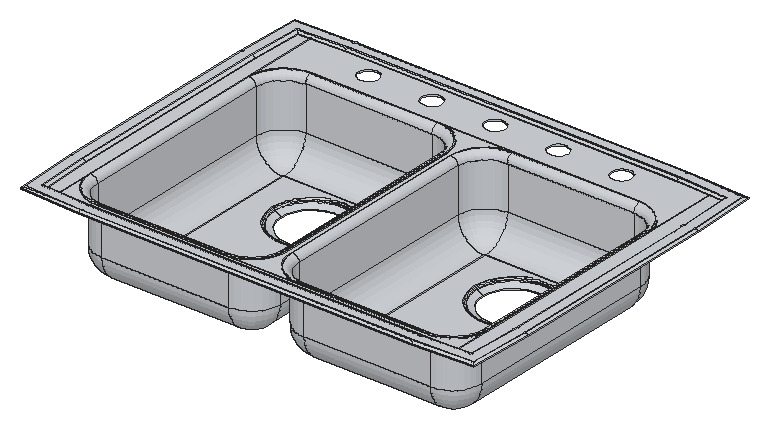
Revit family "LRAD292250", category Plumbing Fixtures, Revit 2019
Family settings
  Round Connector Dimension = Use Diameter
  Part Type = Normal
  OmniClass Number = 23.45.05.14.14
  OmniClass Title = Sinks/Lavatories
  Work Plane-Based = No
  Always vertical = Yes
  Cut with Voids When Loaded = No
  Shared = No
  Room Calculation Point = No
Parameters (values of type "LRAD2922505")
  URL = "www.elkayusa.com"
  Specification Sheet URL = "http://www.elkayusa.com/cps/rde/xbcr/elkay/01-62H_LR(Q)_LRAD(Q)_Double_Bowl.pdf"
  Sink Width = 1' - 10"  # constant formula
  Sink Material = none
  Sink Length = 2' - 5"  # constant formula
  Sink Ledge Sides Width = 0' - 2 3/8"  # constant formula
  Sink Ledge Front Width = 0' - 1 3/4"  # constant formula
  Sink Ledge Back Width = 0' - 4 1/4"  # constant formula
  Sink Depth = 0' - 5"  # constant formula
  Sink Bowl Formula = ((Sink Length - Sink Ledge Sides Width - Sink Ledge Sides Width - Partition Width) / 2)  # 0' - 11 1/2"
  Partition Width = 0' - 1 1/4"  # constant formula
  Model = "LR3321"
  Minimum Cabinet Width = "33\""
  Manufacturer = "Elkay Manufacturing"
  Installation Sheet URL = "http://www.elkayusa.com/cps/rde/xbcr/elkay/74180147.pdf"
  Hole 5 Top = 0' - 2"
  Hole 4 Top = 0' - 2"
  Hole 3 Top = 0' - 2"
  Hole 2 Top = 0' - 2"
  Hole 1 to 6 = 1' - 6"
  Hole 1 to 8 = 2' - 0"
  Hole 1 to 7 = 1' - 9"
  Hole 1 to 5 = 1' - 4"
  Hole 1 to 4 = 1' - 0"
  Hole 1 to 3 = 0' - 8"
  Hole 1 to 2 = 0' - 4"
  Hole 1 from CL = 0' - 8"
  Hole 1 Top = 0' - 2"
  Faucet Hole CL = 0' - 2 1/4"  # constant formula
  Drain Location = 0' - 4 1/2"  # constant formula
  Description = "Lustertone Double Bowl Sink"
  Deep Specification Sheet URL = "http://www.elkayusa.com/cps/rde/xbcr/elkay/01-19G_DLR(Q)_Double_Bowl.pdf"
  Custom Bowl = no
  Custom Bowl Length = ((Sink Length - Sink Ledge Sides Width - Sink Ledge Sides Width - Partition Width) / 2) - CL Sink to CL Partition  # 0' - 11 1/2"
  CL Sink to CL Partition = 0' - 0"
  Bowl Length = ((Sink Length - Sink Ledge Sides Width - Sink Ledge Sides Width - Partition Width) / 2)  # 0' - 11 1/2"
  Left Bowl Length = if(Custom Bowl, Custom Bowl Length, Sink Bowl Formula)  # 0' - 11 1/2"
  2D Hole 5 = Hole 5 Top = 0' 2"  # yes
  2D Hole 4 = Hole 4 Top = 0' 2"  # yes
  2D Hole 3 = Hole 3 Top = 0' 2"  # yes
  2D Hole 2 = Hole 2 Top = 0' 2"  # yes
  2D Hole 1 = Hole 1 Top = 0' 2"  # yes
Types (6): name | Hole 5 Top | Hole 4 Top | Hole 3 Top | Hole 2 Top | Hole 1 to 5 | Hole 1 from CL | 2D Hole 5 | 2D Hole 4 | 2D Hole 3 | 2D Hole 2
  LRAD2922505 | 0' - 2" | 0' - 2" | 0' - 2" | 0' - 2" | 1' - 4" | 0' - 8" | yes | yes | yes | yes
  LRAD2922504 | 0' - 1 1/2" | 0' - 2" | 0' - 2" | 0' - 2" | 1' - 3" | 0' - 4" | no | yes | yes | yes
  LRAD2922503 | 0' - 1 1/2" | 0' - 1 1/2" | 0' - 2" | 0' - 2" | 1' - 3" | 0' - 4" | no | no | yes | yes
  LRAD292250MR2 | 0' - 1 1/2" | 0' - 1 1/2" | 0' - 1 1/2" | 0' - 2" | 1' - 3" | 0' - 0" | no | no | no | yes
  LRAD2922502 | 0' - 1 1/2" | 0' - 1 1/2" | 0' - 1 1/2" | 0' - 2" | 1' - 3" | 0' - 2" | no | no | no | yes
  LRAD2922501 | 0' - 1 1/2" | 0' - 1 1/2" | 0' - 1 1/2" | 0' - 1 1/2" | 1' - 3" | 0' - 0" | no | no | no | no
Reference planes (in)
  plane 1 "CL Sink Hole": y = 3.5
  plane 2 "Rim Top Outside Corner": z = 0.0015695
  plane 3 "Center (Left/Right)": x = 0
  plane 4 "Basin Edge Left": x = -12.125
  plane 5 "Basin Edge Right": x = 12.125
  plane 6 "Basin Edge Back": y = 8
  plane 7 "Basin Edge Front": y = -8
  plane 8 "Left": x = -14.5
  plane 9 "Right": x = 14.5
  plane 10 "Back": y = 12.25
  plane 11 "Front": y = -9.75
  plane 12 "Sink Angle Back Corner": y = 12.0792275
  plane 13 "Sink Angle Right Corner": x = 14.3267866
  plane 14 "Sink Angle Right": x = 10.5172067
  plane 15 "Sink Angle Back": y = 7.9648437
  plane 16 "Sink Angle Left": x = -10.515625
  plane 17 "Sink Angle Left Corner": x = -14.328125
  plane 18 "Sink Angle Front Corner": y = -9.578125
  plane 19 "Sink Angle Front": y = -5.4648437
  plane 20 "Sink Top Face Back Edge": y = 11.2219509
  plane 21 "Sink Top Face Front Edge": y = -8.7226562
  plane 22 "Sink Top Face Right Edge": x = 12.5976563
  plane 23 "Sink Top Face Left Edge": x = -12.5976563
  plane 24 "Sink Bowl Bottom (Top Face)": z = -4.8945313
  plane 25 "Faucet CL": y = 10
  plane 26 "Sink Top Piece Top Face": z = -0.0194305
  plane 27 "Sink Top Piece Bottom Face": z = -0.0819305
  plane 28 "Left Sink Bottom Piece Right Edge": x = -2.3125
  plane 29 "Top Void for Radius Back Edge": y = 5.5
  plane 30 "back ledge void radius": y = 8.4921875
  plane 31 "front ledge void radius": y = -8.4921875
  plane 32 "Top Radius Corner Prot": z = -0.4405305
  plane 33: z = -3.2070313
  plane 34 "Sink Bowl Bottom (Bottom Face)": z = -4.9570313
  plane 35 "Left Sink Bottom Piece Left Edge": x = -10.4375
  plane 36 "Sink Bottom Piece Right Edge": x = 10.4375
  plane 37 "Sink Bottom Piece Back Edge": y = 6.3125
  plane 38 "Sink Bottom Piece Front Edge": y = -6.3125
  plane 39 "Top Void for Radius Front Edge": y = -5
  plane 40 "Sink Top Locked Edge Right": x = 13.5625
  plane 41 "Sink Top Locked Edge Left": x = -13.5625
  plane 42 "Hole 1": x = -8
  plane 43 "Hole 2": x = -4
  plane 44 "Hole 3": x = 0
  plane 45 "Hole 4": x = 4
  plane 46 "Hole 5": x = 8
  plane 47 "Faucet Hole Void Bottoms": z = -1.9984305
  plane 48 "Hole 1 Top": z = 0.0015695
  plane 49 "Hole 2 Top": z = 0.0015695
  plane 50 "Hole 3 Top": z = 0.0015695
  plane 51 "Hole 4 Top": z = 0.0015695
  plane 52 "Hole 5 Top": z = 0.0015695
  plane 53 "Top": z = 0.1054687
  plane 54 "Insertion Plan for Sink - Bottom Outside Corner of Rim": z = -0.0524008
  plane 55 "Center (Front/Back)": y = 0
  plane 56 "CL PARTITION": x = 0
  plane 57 "LEFT BOWL RIGHT EDGE": x = -0.625
  plane 58 "RIGHT BOWL LEFT EDGE": x = 0.625
  plane 59 "Sink Bottom Piece Left Edge": x = 2.3125
  plane 60 "Left Bowl CL Drain": x = -6.375
  plane 61 "Right Bowl CL Drain": x = 6.375
  plane 62 "Left Partition Left Edge": x = -0.1328125
  plane 63 "Left Partition Right Edge": x = 0.1328125
Forms (in)
  Sweep 1, solid, material <- "Sink Material"
    path origin (0, 0, 0) x (1, 0, 0) y (0, 1, 0)
      loop
        line (10.5172067, 12.25) -> (-10.515625, 12.25) -> (-14.328125, 12.0792275) -> (-14.5, 7.9648437) -> (-14.5, -5.4648437) -> (-14.328125, -9.578125) -> (-10.515625, -9.75) -> (10.5172067, -9.75) -> (14.3267866, -9.578125) -> (14.5, -5.4648437) -> (14.5, 7.9648437) -> (14.3267866, 12.0792275) -> (10.5172067, 12.25)
    profile "profile-elkay-sink-rim-1 : profile-elkay-sink-rim-1" origin (0.0007909, 12.25, 0) x (0, -1, 0) y (0, 0, 1)
      loop
        line (0, 0) -> (0, -0.0524008) -> (0.2039181, 0.0577989) -> (0.8052651, 0.0577989) -> (1.0074493, -0.0709913) -> (1.0074493, -0.0163327) -> (0.841093, 0.0896347)
        arc (0.841093, 0.0896347) -> (0.8176388, 0.1002604) -> (0.7921483, 0.1038992) r 0.091102
        line (0.7921483, 0.1038992) -> (0.2153023, 0.1038992)
        arc (0.2153023, 0.1038992) -> (0.1929626, 0.1011179) -> (0.1719868, 0.0929438) r 0.0911081
        line (0.1719868, 0.0929438) -> (0, 0)
  Extrusion 2, solid, material <- "Sink Material"
    sketch origin (0, 0, 0) x (1, 0, 0) y (0, 1, 0)
      loop
        line (-12.5976563, 11.2219509) -> (-12.5976563, 5.5) -> (12.5976563, 5.5) -> (12.5976563, 11.2219509) -> (-12.5976563, 11.2219509)
    from -0.0819305 to -0.0194305
  Extrusion 3, void
    sketch origin (0, 0, 0) x (1, 0, 0) y (0, 1, 0)
      loop
        line (12.5976563, 5.5) -> (12.5976563, 6.1441505)
        arc (12.5976563, 6.1441505) -> (11.9099322, 7.8044634) -> (10.2496193, 8.4921875) r 2.348037
        line (10.2496193, 8.4921875) -> (-10.25, 8.4921875)
        arc (-10.25, 8.4921875) -> (-11.9100437, 7.8045749) -> (-12.5976563, 6.1445312) r 2.3476562
        line (-12.5976563, 6.1445312) -> (-12.5976563, 5.5) -> (12.5976563, 5.5)
    from -0.7469965 to 0.495879
  Extrusion 4, solid, material <- "Sink Material"
    sketch origin (0, 0, 0) x (1, 0, 0) y (0, 1, 0)
      loop
        line (-12.5976563, -5.4648437) -> (-12.5976563, -8.7226562) -> (12.5976563, -8.7226562) -> (12.5976563, -5.4648437) -> (-12.5976563, -5.4648437)
    from -0.0819305 to -0.0194305
  Extrusion 5, void
    sketch origin (0, 0, 0) x (1, 0, 0) y (0, 1, 0)
      loop
        line (-12.5976563, -5) -> (-12.5976563, -6.2107599)
        arc (-12.5976563, -6.2107599) -> (-11.9294416, -7.8239728) -> (-10.3162287, -8.4921875) r 2.2814276
        line (-10.3162287, -8.4921875) -> (10.3164063, -8.4921875)
        arc (10.3164063, -8.4921875) -> (11.9294936, -7.8240248) -> (12.5976563, -6.2109375) r 2.28125
        line (12.5976563, -6.2109375) -> (12.5976563, -5) -> (-12.5976563, -5)
    from -1.9984305 to 0.6466859
  Extrusion 6, solid, material <- "Sink Material"
    sketch origin (0, 0, 0) x (1, 0, 0) y (0, 1, 0)
      loop
        line (-13.5625, 11.2219509) -> (-13.5625, -8.7226562) -> (-12.5976563, -8.7226562) -> (-12.5976563, 11.2219509) -> (-13.5625, 11.2219509)
    from -0.0819305 to -0.0194305
  Extrusion 7, solid, material <- "Sink Material"
    sketch origin (0, 0, 0) x (1, 0, 0) y (0, 1, 0)
      loop
        line (12.5976563, 11.2219509) -> (12.5976563, -8.7226562) -> (13.5625, -8.7226562) -> (13.5625, 11.2219509) -> (12.5976563, 11.2219509)
    from -0.0819305 to -0.0194305
  Sweep 8, solid, material <- "Sink Material"
    path origin (-14.75, 0, -0.0194305) x (-1, 0, 0) y (0, -1, 0)
      loop
        line (-12.375, -8) -> (-4.375, -8)
        arc (-4.375, -8) -> (-3.1375631, -7.4874369) -> (-2.625, -6.25) r 1.75
        line (-2.625, -6.25) -> (-2.625, 6.25)
        arc (-2.625, 6.25) -> (-3.1375631, 7.4874369) -> (-4.375, 8) r 1.75
        line (-4.375, 8) -> (-12.375, 8)
        arc (-12.375, 8) -> (-13.6124369, 7.4874369) -> (-14.125, 6.25) r 1.75
        line (-14.125, 6.25) -> (-14.125, -6.25)
        arc (-14.125, -6.25) -> (-13.6124369, -7.4874369) -> (-12.375, -8) r 1.75
    profile "profile-elkay-sink-top corner : profile-elkay-sink-top corner" origin (-6.375, 8, -0.0194305) x (0, -1, 0) y (0, 0, 1)
      loop
        line (-0.4204811, 0) -> (-0.4921875, 0) -> (-0.4921875, -0.0461) -> (-0.4204811, -0.0461)
        arc (-0.4204811, -0.0461) -> (-0.1553161, -0.155935) -> (-0.0454811, -0.4211) r 0.375
        line (-0.0454811, -0.4211) -> (0.0006189, -0.4211)
        arc (0.0006189, -0.4211) -> (-0.1227185, -0.1233373) -> (-0.4204811, 0) r 0.4211
  Sweep 9, solid, material <- "Sink Material"
    path origin (-14.75, 0, -4.8945313) x (-1, 0, 0) y (0, -1, 0)
      loop
        line (-2.625, -6.25) -> (-2.625, 6.25)
        arc (-2.625, 6.25) -> (-3.1375631, 7.4874369) -> (-4.375, 8) r 1.75
        line (-4.375, 8) -> (-12.375, 8)
        arc (-12.375, 8) -> (-13.6124369, 7.4874369) -> (-14.125, 6.25) r 1.75
        line (-14.125, 6.25) -> (-14.125, -6.25)
        arc (-14.125, -6.25) -> (-13.6124369, -7.4874369) -> (-12.375, -8) r 1.75
        line (-12.375, -8) -> (-4.375, -8)
        arc (-4.375, -8) -> (-3.1375631, -7.4874369) -> (-2.625, -6.25) r 1.75
    profile "profile-elkay-sink-btm-crnr_1-6875 : profile-elkay-sink-btm-crnr_1-6875" origin (-12.125, 0, -4.8945313) x (1, 0, 0) y (0, 0, 1)
      loop
        line (1.6875, -0.0625) -> (1.6875, 0)
        arc (1.6875, 0) -> (0.4942573, 0.4942573) -> (0, 1.6875) r 1.6875
        line (0, 1.6875) -> (-0.0625, 1.6875)
        arc (-0.0625, 1.6875) -> (0.4500631, 0.4500631) -> (1.6875, -0.0625) r 1.75
  Extrusion 10, solid, material <- "Sink Material"
    sketch origin (0, 0, 0) x (1, 0, 0) y (0, 1, 0)
      loop
        line (-10.4375, 6.3125) -> (-10.4375, -6.3125) -> (-2.3125, -6.3125) -> (-2.3125, 6.3125) -> (-10.4375, 6.3125)
    from -4.9570313 to -4.8945313
  Extrusion 11, solid, material <- "Sink Material"
    sketch origin (-14.75, 0, 0) x (1, 0, 0) y (0, 1, 0)
      loop
        arc (4.375, 8) -> (3.1375631, 7.4874369) -> (2.625, 6.25) r 1.75
        line (2.625, 6.25) -> (2.625, -6.25)
        arc (2.625, -6.25) -> (3.1375631, -7.4874369) -> (4.375, -8) r 1.75
        line (4.375, -8) -> (12.375, -8)
        arc (12.375, -8) -> (13.6124369, -7.4874369) -> (14.125, -6.25) r 1.75
        line (14.125, -6.25) -> (14.125, 6.25)
        arc (14.125, 6.25) -> (13.6124369, 7.4874369) -> (12.375, 8) r 1.75
        line (12.375, 8) -> (4.375, 8)
      loop
        arc (4.375, 8.0625) -> (3.093369, 7.531631) -> (2.5625, 6.25) r 1.8125
        line (2.5625, 6.25) -> (2.5625, -6.25)
        arc (2.5625, -6.25) -> (3.093369, -7.531631) -> (4.375, -8.0625) r 1.8125
        line (4.375, -8.0625) -> (12.375, -8.0625)
        arc (12.375, -8.0625) -> (13.656631, -7.531631) -> (14.1875, -6.25) r 1.8125
        line (14.1875, -6.25) -> (14.1875, 6.25)
        arc (14.1875, 6.25) -> (13.656631, 7.531631) -> (12.375, 8.0625) r 1.8125
        line (12.375, 8.0625) -> (4.375, 8.0625)
    from -3.2070313 to -0.4405305
  Extrusion 12, void
    sketch origin (0, 0, 0) x (1, 0, 0) y (0, 1, 0)
      loop
        circle (-6.375, 3.5) r 2.5
    from -4.9570313 to -3.8320313
  Sweep 13, solid, material <- "Sink Material"
    path origin (-14.75, 0, -4.8945313) x (-1, 0, 0) y (0, -1, 0)
      loop
        circle (-8.375, -3.5) r 2.501635
    profile "profile-elkay-sink-hole-1 : profile-elkay-sink-hole-1" origin (-6.375, 0.998365, -4.8945313) x (0, 1, 0) y (0, 0, 1)
      loop
        line (0.5785343, -0.3269365) -> (0.1564602, -0.1343744)
        arc (0.1564602, -0.1343744) -> (0.1424945, -0.125589) -> (0.1313144, -0.1134552) r 0.0625
        line (0.1313144, -0.1134552) -> (0.0881719, -0.0522605)
        arc (0.0881719, -0.0522605) -> (0.0506391, -0.015074) -> (0, 0) r 0.1086
        line (0, 0) -> (0, -0.0461763)
        arc (0, -0.0461763) -> (0.0262058, -0.0541921) -> (0.0464633, -0.0726482) r 0.0625
        line (0.0464633, -0.0726482) -> (0.093406, -0.1396891)
        arc (0.093406, -0.1396891) -> (0.1129384, -0.1609677) -> (0.1373891, -0.176345) r 0.1086
        line (0.1373891, -0.176345) -> (0.5785343, -0.3776079) -> (0.5785343, -0.3269365)
  Sweep 14, solid, material <- "Sink Material"
    path origin (14.75, 0, -0.0194305) x (-1, 0, 0) y (0, -1, 0)
      loop
        line (4.375, -8) -> (12.375, -8)
        arc (12.375, -8) -> (13.6124369, -7.4874369) -> (14.125, -6.25) r 1.75
        line (14.125, -6.25) -> (14.125, 6.25)
        arc (14.125, 6.25) -> (13.6124369, 7.4874369) -> (12.375, 8) r 1.75
        line (12.375, 8) -> (4.375, 8)
        arc (4.375, 8) -> (3.1375631, 7.4874369) -> (2.625, 6.25) r 1.75
        line (2.625, 6.25) -> (2.625, -6.25)
        arc (2.625, -6.25) -> (3.1375631, -7.4874369) -> (4.375, -8) r 1.75
    profile "profile-elkay-sink-top corner : profile-elkay-sink-top corner" origin (6.375, 8, -0.0194305) x (0, -1, 0) y (0, 0, 1)
      loop
        line (-0.4204811, 0) -> (-0.4921875, 0) -> (-0.4921875, -0.0461) -> (-0.4204811, -0.0461)
        arc (-0.4204811, -0.0461) -> (-0.1553161, -0.155935) -> (-0.0454811, -0.4211) r 0.375
        line (-0.0454811, -0.4211) -> (0.0006189, -0.4211)
        arc (0.0006189, -0.4211) -> (-0.1227185, -0.1233373) -> (-0.4204811, 0) r 0.4211
  Sweep 15, solid, material <- "Sink Material"
    path origin (14.75, 0, -4.8945313) x (-1, 0, 0) y (0, -1, 0)
      loop
        line (14.125, -6.25) -> (14.125, 6.25)
        arc (14.125, 6.25) -> (13.6124369, 7.4874369) -> (12.375, 8) r 1.75
        line (12.375, 8) -> (4.375, 8)
        arc (4.375, 8) -> (3.1375631, 7.4874369) -> (2.625, 6.25) r 1.75
        line (2.625, 6.25) -> (2.625, -6.25)
        arc (2.625, -6.25) -> (3.1375631, -7.4874369) -> (4.375, -8) r 1.75
        line (4.375, -8) -> (12.375, -8)
        arc (12.375, -8) -> (13.6124369, -7.4874369) -> (14.125, -6.25) r 1.75
    profile "profile-elkay-sink-btm-crnr_1-6875 : profile-elkay-sink-btm-crnr_1-6875" origin (0.625, 0, -4.8945313) x (1, 0, 0) y (0, 0, 1)
      loop
        line (1.6875, -0.0625) -> (1.6875, 0)
        arc (1.6875, 0) -> (0.4942573, 0.4942573) -> (0, 1.6875) r 1.6875
        line (0, 1.6875) -> (-0.0625, 1.6875)
        arc (-0.0625, 1.6875) -> (0.4500631, 0.4500631) -> (1.6875, -0.0625) r 1.75
  Extrusion 16, solid, material <- "Sink Material"
    sketch origin (14.75, 0, 0) x (1, 0, 0) y (0, 1, 0)
      loop
        arc (-12.375, 8) -> (-13.6124369, 7.4874369) -> (-14.125, 6.25) r 1.75
        line (-14.125, 6.25) -> (-14.125, -6.25)
        arc (-14.125, -6.25) -> (-13.6124369, -7.4874369) -> (-12.375, -8) r 1.75
        line (-12.375, -8) -> (-4.375, -8)
        arc (-4.375, -8) -> (-3.1375631, -7.4874369) -> (-2.625, -6.25) r 1.75
        line (-2.625, -6.25) -> (-2.625, 6.25)
        arc (-2.625, 6.25) -> (-3.1375631, 7.4874369) -> (-4.375, 8) r 1.75
        line (-4.375, 8) -> (-12.375, 8)
      loop
        arc (-12.375, 8.0625) -> (-13.656631, 7.531631) -> (-14.1875, 6.25) r 1.8125
        line (-14.1875, 6.25) -> (-14.1875, -6.25)
        arc (-14.1875, -6.25) -> (-13.656631, -7.531631) -> (-12.375, -8.0625) r 1.8125
        line (-12.375, -8.0625) -> (-4.375, -8.0625)
        arc (-4.375, -8.0625) -> (-3.093369, -7.531631) -> (-2.5625, -6.25) r 1.8125
        line (-2.5625, -6.25) -> (-2.5625, 6.25)
        arc (-2.5625, 6.25) -> (-3.093369, 7.531631) -> (-4.375, 8.0625) r 1.8125
        line (-4.375, 8.0625) -> (-12.375, 8.0625)
    from -3.2070313 to -0.4405305
  Extrusion 17, solid, material <- "Sink Material"
    sketch origin (0, 0, 0) x (1, 0, 0) y (0, 1, 0)
      loop
        line (2.3125, 6.3125) -> (2.3125, -6.3125) -> (10.4375, -6.3125) -> (10.4375, 6.3125) -> (2.3125, 6.3125)
    from -4.9570313 to -4.8945313
  Extrusion 18, void
    sketch origin (0, 0, 0) x (1, 0, 0) y (0, 1, 0)
      loop
        circle (6.375, 3.5) r 2.5
    from -4.9570313 to -3.2070313
  Sweep 19, solid, material <- "Sink Material"
    path origin (14.75, 0, -4.8945313) x (-1, 0, 0) y (0, -1, 0)
      loop
        circle (8.375, -3.5) r 2.501635
    profile "profile-elkay-sink-hole-1 : profile-elkay-sink-hole-1" origin (6.375, 0.998365, -4.8945313) x (0, 1, 0) y (0, 0, 1)
      loop
        line (0.5785343, -0.3269365) -> (0.1564602, -0.1343744)
        arc (0.1564602, -0.1343744) -> (0.1424945, -0.125589) -> (0.1313144, -0.1134552) r 0.0625
        line (0.1313144, -0.1134552) -> (0.0881719, -0.0522605)
        arc (0.0881719, -0.0522605) -> (0.0506391, -0.015074) -> (0, 0) r 0.1086
        line (0, 0) -> (0, -0.0461763)
        arc (0, -0.0461763) -> (0.0262058, -0.0541921) -> (0.0464633, -0.0726482) r 0.0625
        line (0.0464633, -0.0726482) -> (0.093406, -0.1396891)
        arc (0.093406, -0.1396891) -> (0.1129384, -0.1609677) -> (0.1373891, -0.176345) r 0.1086
        line (0.1373891, -0.176345) -> (0.5785343, -0.3776079) -> (0.5785343, -0.3269365)
  Extrusion 20, void
    sketch origin (0, 0, 0) x (1, 0, 0) y (0, 1, 0)
      loop
        circle (-8, 10) r 0.625
    from -1.9984305 to 0.0015695
  Extrusion 21, void
    sketch origin (0, 0, 0) x (1, 0, 0) y (0, 1, 0)
      loop
        circle (-4, 10) r 0.625
    from -1.9984305 to 0.0015695
  Extrusion 22, void
    sketch origin (0, 0, 0) x (1, 0, 0) y (0, 1, 0)
      loop
        circle (0, 10) r 0.625
    from -1.9984305 to 0.0015695
  Extrusion 23, void
    sketch origin (0, 0, 0) x (1, 0, 0) y (0, 1, 0)
      loop
        circle (4, 10) r 0.625
    from -1.9984305 to 0.0015695
  Extrusion 24, void
    sketch origin (0, 0, 0) x (1, 0, 0) y (0, 1, 0)
      loop
        circle (8, 10) r 0.625
    from -1.9984305 to 0.0015695
  Extrusion 25, solid, material <- "Sink Material"
    sketch origin (0, 0, 0) x (1, 0, 0) y (0, 1, 0)
      loop
        arc (-2.375, 8.4921875) -> (-0.789534, 7.835466) -> (-0.1328125, 6.25) r 2.2421875
        line (-0.1328125, 6.25) -> (-0.1328125, -6.25)
        arc (-0.1328125, -6.25) -> (-0.789534, -7.835466) -> (-2.375, -8.4921875) r 2.2421875
        line (-2.375, -8.4921875) -> (2.375, -8.4921875)
        arc (2.375, -8.4921875) -> (0.789534, -7.835466) -> (0.1328125, -6.25) r 2.2421875
        line (0.1328125, -6.25) -> (0.1328125, 6.25)
        arc (0.1328125, 6.25) -> (0.789534, 7.835466) -> (2.375, 8.4921875) r 2.2421875
        line (2.375, 8.4921875) -> (-2.375, 8.4921875)
    from -0.0819305 to -0.0194305
Cuts and joins
  Extrusion 3, Extrusion 12, Extrusion 18, Extrusion 20, Extrusion 21, Extrusion 22, Extrusion 23, Extrusion 24 cuts Sweep 1
  Extrusion 3, Extrusion 20, Extrusion 21, Extrusion 22, Extrusion 23, Extrusion 24 cuts Extrusion 2
  Extrusion 5 cuts Extrusion 4
  Extrusion 12 cuts Extrusion 10
  Extrusion 18 cuts Extrusion 17
Lines and regions (in)
  reference lines
    curve 1: line (10.5172067, 12.25, 0) -> (14.3267866, 12.0792275, 0)
    curve 2: line (14.3267866, 12.0792275, 0) -> (14.5, 7.9648437, 0)
    curve 3: line (-10.515625, 12.25, 0) -> (-14.328125, 12.0792275, 0)
    curve 4: line (-14.328125, 12.0792275, 0) -> (-14.5, 7.9648437, 0)
    curve 5: line (-14.5, -5.4648437, 0) -> (-14.328125, -9.578125, 0)
    curve 6: line (-14.328125, -9.578125, 0) -> (-10.515625, -9.75, 0)
    curve 7: line (14.5, -5.4648437, 0) -> (14.3267866, -9.578125, 0)
    curve 8: line (14.3267866, -9.578125, 0) -> (10.5172067, -9.75, 0)
Dimensions and locks (in)
  "Sink Ledge Sides Width": plane 8 "Left" to plane 4 "Basin Edge Left"
  "Sink Ledge Sides Width": plane 5 "Basin Edge Right" to plane 9 "Right"
  "Sink Length": plane 8 "Left" to plane 9 "Right"
  "Drain Location": plane 6 "Basin Edge Back" to plane 1 "CL Sink Hole"
  "Sink Ledge Back Width": plane 10 "Back" to plane 6 "Basin Edge Back"
  "Sink Ledge Front Width": plane 7 "Basin Edge Front" to plane 11 "Front"
  locked: plane 13 "Sink Angle Right Corner" to plane 9 "Right" at 0.1732134
  locked: plane 10 "Back" to plane 12 "Sink Angle Back Corner" at 0.1707725
  locked: plane 14 "Sink Angle Right" to plane 9 "Right" at 3.9827933
  locked: plane 10 "Back" to plane 15 "Sink Angle Back" at 4.2851562
  locked: plane 8 "Left" to plane 17 "Sink Angle Left Corner" at 0.171875
  locked: plane 8 "Left" to plane 16 "Sink Angle Left" at 3.984375
  locked: plane 18 "Sink Angle Front Corner" to plane 11 "Front" at 0.171875
  locked: plane 19 "Sink Angle Front" to plane 11 "Front" at 4.2851562
  "Sink Width": plane 10 "Back" to plane 11 "Front"
  locked: plane 10 "Back" to plane 20 "Sink Top Face Back Edge" at 1.0280491
  locked: plane 21 "Sink Top Face Front Edge" to plane 11 "Front" at 1.0273438
  locked: plane 23 "Sink Top Face Left Edge" to plane 4 "Basin Edge Left" at 0.4726562
  "Sink Depth": plane 53 "Top" to plane 24 "Sink Bowl Bottom (Top Face)"
  "Faucet Hole CL": plane 10 "Back" to plane 25 "Faucet CL"
  locked: plane 2 "Rim Top Outside Corner" to plane 26 "Sink Top Piece Top Face" at 0.021
  locked: plane 26 "Sink Top Piece Top Face" to plane 27 "Sink Top Piece Bottom Face" at 0.0625
  locked: plane 6 "Basin Edge Back" to plane 29 "Top Void for Radius Back Edge" at 2.5
  locked: plane 30 "back ledge void radius" to plane 29 "Top Void for Radius Back Edge" at 2.9921875
  locked: plane 39 "Top Void for Radius Front Edge" to plane 31 "front ledge void radius" at 3.4921875
  locked: plane 2 "Rim Top Outside Corner" to plane 32 "Top Radius Corner Prot" at 0.4421
  locked: plane 33 to plane 24 "Sink Bowl Bottom (Top Face)" at 1.6875
  locked: plane 24 "Sink Bowl Bottom (Top Face)" to plane 34 "Sink Bowl Bottom (Bottom Face)" at 0.0625
  locked: plane 38 "Sink Bottom Piece Front Edge" to plane 7 "Basin Edge Front" at 1.6875
  locked: plane 4 "Basin Edge Left" to plane 35 "Left Sink Bottom Piece Left Edge" at 1.6875
  locked: plane 36 "Sink Bottom Piece Right Edge" to plane 5 "Basin Edge Right" at 1.6875
  locked: plane 6 "Basin Edge Back" to plane 37 "Sink Bottom Piece Back Edge" at 1.6875
  locked: plane 39 "Top Void for Radius Front Edge" to plane 7 "Basin Edge Front" at 3
  locked: plane 5 "Basin Edge Right" to plane 22 "Sink Top Face Right Edge" at 0.4726562
  locked: Extrusion 3 sketch curve to plane 5 "Basin Edge Right" at 1.8753807
  locked: plane 6 "Basin Edge Back" to Extrusion 3 sketch curve at 1.8558495
  locked: plane 4 "Basin Edge Left" to Extrusion 3 sketch curve at 1.875
  locked: plane 6 "Basin Edge Back" to Extrusion 3 sketch curve at 1.8554688
  locked: plane 4 "Basin Edge Left" to Extrusion 5 sketch curve at 1.8087713
  locked: Extrusion 5 sketch curve to plane 5 "Basin Edge Right" at 1.8085938
  locked: Extrusion 5 sketch curve to plane 7 "Basin Edge Front" at 1.7892401
  locked: Extrusion 5 sketch curve to plane 7 "Basin Edge Front" at 1.7890625
  locked: plane 40 "Sink Top Locked Edge Right" to plane 9 "Right" at 0.9375
  locked: plane 8 "Left" to plane 41 "Sink Top Locked Edge Left" at 0.9375
  "Hole 1 from CL": plane 42 "Hole 1" to plane 3 "Center (Left/Right)"
  "Hole 1 to 2": plane 42 "Hole 1" to plane 43 "Hole 2"
  "Hole 1 to 3": plane 42 "Hole 1" to plane 44 "Hole 3"
  "Hole 1 to 4": plane 42 "Hole 1" to plane 45 "Hole 4"
  "Hole 1 to 5": plane 42 "Hole 1" to plane 46 "Hole 5"
  locked: plane 2 "Rim Top Outside Corner" to plane 47 "Faucet Hole Void Bottoms" at 2
  "Hole 1 Top": plane 48 "Hole 1 Top" to plane 47 "Faucet Hole Void Bottoms"
  "Hole 2 Top": plane 49 "Hole 2 Top" to plane 47 "Faucet Hole Void Bottoms"
  "Hole 3 Top": plane 50 "Hole 3 Top" to plane 47 "Faucet Hole Void Bottoms"
  "Hole 4 Top": plane 51 "Hole 4 Top" to plane 47 "Faucet Hole Void Bottoms"
  "Hole 5 Top": plane 52 "Hole 5 Top" to plane 47 "Faucet Hole Void Bottoms"
  locked: plane 53 "Top" to plane 2 "Rim Top Outside Corner" at 0.1038992
  locked: plane 53 "Top" to plane 54 "Insertion Plan for Sink - Bottom Outside Corner of Rim" at 0.1578695
  equal spacing: plane 6 "Basin Edge Back", plane 55 "Center (Front/Back)", plane 7 "Basin Edge Front"
  locked: plane 28 "Left Sink Bottom Piece Right Edge" to plane 57 "LEFT BOWL RIGHT EDGE" at 1.6875
  locked: plane 58 "RIGHT BOWL LEFT EDGE" to plane 59 "Sink Bottom Piece Left Edge" at 1.6875
  locked: plane 6 "Basin Edge Back" to Sweep 8 sketch curve at 1.75  (x2)
  locked: plane 4 "Basin Edge Left" to Sweep 8 sketch curve at 1.75  (x2)
  locked: Sweep 8 sketch curve to plane 57 "LEFT BOWL RIGHT EDGE" at 1.75  (x2)
  locked: Sweep 8 sketch curve to plane 7 "Basin Edge Front" at 1.75  (x2)
  equal spacing: plane 8 "Left", plane 3 "Center (Left/Right)", plane 9 "Right"
  equal spacing: plane 4 "Basin Edge Left", plane 60 "Left Bowl CL Drain", plane 57 "LEFT BOWL RIGHT EDGE"
  equal spacing: plane 58 "RIGHT BOWL LEFT EDGE", plane 61 "Right Bowl CL Drain", plane 5 "Basin Edge Right"
  locked: plane 4 "Basin Edge Left" to Sweep 9 sketch curve at 1.75  (x2)
  locked: Sweep 9 sketch curve to plane 57 "LEFT BOWL RIGHT EDGE" at 1.75  (x2)
  locked: plane 6 "Basin Edge Back" to Sweep 9 sketch curve at 1.75  (x2)
  locked: Sweep 9 sketch curve to plane 7 "Basin Edge Front" at 1.75  (x2)
  locked: plane 6 "Basin Edge Back" to Extrusion 11 sketch curve at 1.75  (x2)
  locked: plane 4 "Basin Edge Left" to Extrusion 11 sketch curve at 1.75  (x2)
  locked: Extrusion 11 sketch curve to plane 57 "LEFT BOWL RIGHT EDGE" at 1.75  (x2)
  locked: Extrusion 11 sketch curve to plane 7 "Basin Edge Front" at 1.75  (x2)
  locked: plane 58 "RIGHT BOWL LEFT EDGE" to Sweep 14 sketch curve at 1.75  (x2)
  locked: Sweep 14 sketch curve to plane 5 "Basin Edge Right" at 1.75  (x2)
  locked: plane 6 "Basin Edge Back" to Sweep 14 sketch curve at 1.75  (x2)
  locked: Sweep 14 sketch curve to plane 7 "Basin Edge Front" at 1.75  (x2)
  locked: Sweep 15 sketch curve to plane 5 "Basin Edge Right" at 1.75  (x2)
  locked: Sweep 15 sketch curve to plane 7 "Basin Edge Front" at 1.75  (x2)
  locked: plane 58 "RIGHT BOWL LEFT EDGE" to Sweep 15 sketch curve at 1.75  (x2)
  locked: plane 6 "Basin Edge Back" to Sweep 15 sketch curve at 1.75  (x2)
  locked: plane 58 "RIGHT BOWL LEFT EDGE" to Extrusion 16 sketch curve at 1.75  (x2)
  locked: Extrusion 16 sketch curve to plane 5 "Basin Edge Right" at 1.75  (x2)
  locked: Extrusion 16 sketch curve to plane 7 "Basin Edge Front" at 1.75  (x2)
  locked: plane 6 "Basin Edge Back" to Extrusion 16 sketch curve at 1.75  (x2)
  plane 8 "Left" to plane 42 "Hole 1" = 0' - 6 1/2"
  locked: Extrusion 25 sketch curve to plane 57 "LEFT BOWL RIGHT EDGE" at 1.75  (x2)
  locked: plane 6 "Basin Edge Back" to Extrusion 25 sketch curve at 1.75  (x2)
  locked: Extrusion 25 sketch curve to plane 31 "front ledge void radius" at 2.2421875  (x2)
  plane 62 "Left Partition Left Edge" to plane 56 "CL PARTITION" to plane 63 "Left Partition Right Edge" = 0' - 0 17/128" locked, 0' - 0 17/128" locked
  "CL Sink to CL Partition": plane 56 "CL PARTITION" to plane 3 "Center (Left/Right)"
  "Partition Width": plane 57 "LEFT BOWL RIGHT EDGE" to plane 58 "RIGHT BOWL LEFT EDGE"
  equal spacing: plane 57 "LEFT BOWL RIGHT EDGE", plane 56 "CL PARTITION", plane 58 "RIGHT BOWL LEFT EDGE"
  locked: plane 58 "RIGHT BOWL LEFT EDGE" to Extrusion 25 sketch curve at 1.75  (x2)
  aligned and locked: plane 9 "Right" to Sweep 1 sketch curve
  aligned and locked: plane 10 "Back" to Sweep 1 sketch curve
  aligned and locked: Sweep 1 sketch curve to plane 8 "Left"
  aligned and locked: Sweep 1 sketch curve to plane 11 "Front"
  aligned and locked: Sweep 1 sketch curve to curve 7
  aligned and locked: Sweep 1 sketch curve to curve 8
  aligned and locked: Sweep 1 sketch curve to curve 6
  aligned and locked: Sweep 1 sketch curve to curve 5
  aligned and locked: Sweep 1 sketch curve to curve 4
  aligned and locked: Sweep 1 sketch curve to curve 3
  aligned and locked: Sweep 1 sketch curve to curve 1
  aligned and locked: Sweep 1 sketch curve to curve 2
  aligned and locked: plane 29 "Top Void for Radius Back Edge" to Extrusion 2 sketch curve
  aligned and locked: plane 23 "Sink Top Face Left Edge" to Extrusion 2 sketch curve
  aligned and locked: Extrusion 2 sketch curve to plane 22 "Sink Top Face Right Edge"
  aligned and locked: Extrusion 2 sketch curve to plane 20 "Sink Top Face Back Edge"
  aligned and locked: Extrusion 2 to plane 27 "Sink Top Piece Bottom Face"
  aligned and locked: plane 23 "Sink Top Face Left Edge" to Extrusion 3 sketch curve
  aligned and locked: Extrusion 3 sketch curve to plane 22 "Sink Top Face Right Edge"
  aligned and locked: plane 29 "Top Void for Radius Back Edge" to Extrusion 3 sketch curve
  aligned and locked: plane 26 "Sink Top Piece Top Face" to Extrusion 2
  aligned and locked: plane 30 "back ledge void radius" to Extrusion 3 sketch curve
  aligned and locked: plane 23 "Sink Top Face Left Edge" to Extrusion 4 sketch curve
  aligned and locked: Extrusion 4 sketch curve to plane 19 "Sink Angle Front"
  aligned and locked: plane 21 "Sink Top Face Front Edge" to Extrusion 4 sketch curve
  aligned and locked: Extrusion 4 sketch curve to plane 22 "Sink Top Face Right Edge"
  aligned and locked: plane 26 "Sink Top Piece Top Face" to Extrusion 4
  aligned and locked: Extrusion 4 to plane 27 "Sink Top Piece Bottom Face"
  aligned and locked: Extrusion 5 sketch curve to plane 22 "Sink Top Face Right Edge"
  aligned and locked: plane 23 "Sink Top Face Left Edge" to Extrusion 5 sketch curve
  aligned and locked: plane 31 "front ledge void radius" to Extrusion 5 sketch curve
  aligned and locked: Extrusion 5 sketch curve to plane 39 "Top Void for Radius Front Edge"
  aligned and locked: plane 41 "Sink Top Locked Edge Left" to Extrusion 6 sketch curve
  aligned and locked: Extrusion 6 sketch curve to plane 23 "Sink Top Face Left Edge"
  aligned and locked: Extrusion 6 to plane 27 "Sink Top Piece Bottom Face"
  aligned and locked: plane 26 "Sink Top Piece Top Face" to Extrusion 6
  aligned and locked: plane 20 "Sink Top Face Back Edge" to Extrusion 6
  aligned and locked: Extrusion 6 to plane 21 "Sink Top Face Front Edge"
  aligned and locked: Extrusion 7 sketch curve to plane 20 "Sink Top Face Back Edge"
  aligned and locked: plane 22 "Sink Top Face Right Edge" to Extrusion 7 sketch curve
  aligned and locked: plane 21 "Sink Top Face Front Edge" to Extrusion 7 sketch curve
  aligned and locked: plane 40 "Sink Top Locked Edge Right" to Extrusion 7 sketch curve
  aligned and locked: Extrusion 7 to plane 27 "Sink Top Piece Bottom Face"
  aligned and locked: plane 26 "Sink Top Piece Top Face" to Extrusion 7
  aligned and locked: Extrusion 5 to plane 47 "Faucet Hole Void Bottoms"
  aligned and locked: Sweep 8 sketch curve to plane 4 "Basin Edge Left"
  aligned and locked: Sweep 8 sketch curve to plane 57 "LEFT BOWL RIGHT EDGE"
  aligned and locked: Sweep 9 sketch curve to plane 57 "LEFT BOWL RIGHT EDGE"
  aligned and locked: Sweep 9 sketch curve to plane 6 "Basin Edge Back"
  aligned and locked: Sweep 9 sketch curve to plane 7 "Basin Edge Front"
  aligned and locked: plane 35 "Left Sink Bottom Piece Left Edge" to Extrusion 10 sketch curve
  aligned and locked: Extrusion 10 sketch curve to plane 28 "Left Sink Bottom Piece Right Edge"
  aligned and locked: plane 38 "Sink Bottom Piece Front Edge" to Extrusion 10 sketch curve
  aligned and locked: Extrusion 10 sketch curve to plane 37 "Sink Bottom Piece Back Edge"
  aligned and locked: Extrusion 10 to plane 34 "Sink Bowl Bottom (Bottom Face)"
  aligned and locked: plane 24 "Sink Bowl Bottom (Top Face)" to Extrusion 10
  aligned and locked: plane 4 "Basin Edge Left" to Extrusion 11 sketch curve
  aligned and locked: plane 7 "Basin Edge Front" to Extrusion 11 sketch curve
  aligned and locked: Extrusion 11 sketch curve to plane 57 "LEFT BOWL RIGHT EDGE"
  aligned and locked: Extrusion 11 sketch curve to plane 6 "Basin Edge Back"
  aligned and locked: plane 32 "Top Radius Corner Prot" to Extrusion 11
  aligned and locked: Extrusion 12 to plane 34 "Sink Bowl Bottom (Bottom Face)"
  aligned and locked: Sweep 14 sketch curve to plane 7 "Basin Edge Front"
  aligned and locked: Sweep 14 sketch curve to plane 5 "Basin Edge Right"
  aligned and locked: Sweep 14 sketch curve to plane 58 "RIGHT BOWL LEFT EDGE"
  aligned and locked: Sweep 15 sketch curve to plane 58 "RIGHT BOWL LEFT EDGE"
  aligned and locked: Sweep 15 sketch curve to plane 5 "Basin Edge Right"
  aligned and locked: Sweep 15 sketch curve to plane 7 "Basin Edge Front"
  aligned and locked: plane 32 "Top Radius Corner Prot" to Extrusion 16
  aligned and locked: plane 59 "Sink Bottom Piece Left Edge" to Extrusion 17 sketch curve
  aligned and locked: Extrusion 17 sketch curve to plane 36 "Sink Bottom Piece Right Edge"
  aligned and locked: plane 38 "Sink Bottom Piece Front Edge" to Extrusion 17 sketch curve
  aligned and locked: Extrusion 17 sketch curve to plane 37 "Sink Bottom Piece Back Edge"
  aligned: Extrusion 17 to plane 24 "Sink Bowl Bottom (Top Face)"
  aligned and locked: Extrusion 17 to plane 34 "Sink Bowl Bottom (Bottom Face)"
  aligned and locked: plane 24 "Sink Bowl Bottom (Top Face)" to Extrusion 17
  aligned and locked: Extrusion 18 to plane 34 "Sink Bowl Bottom (Bottom Face)"
  aligned and locked: plane 33 to Extrusion 18
  aligned and locked: plane 58 "RIGHT BOWL LEFT EDGE" to Extrusion 16 sketch curve
  aligned and locked: Extrusion 20 to plane 47 "Faucet Hole Void Bottoms"
  aligned and locked: Extrusion 21 to plane 47 "Faucet Hole Void Bottoms"
  aligned and locked: Extrusion 22 to plane 47 "Faucet Hole Void Bottoms"
  aligned and locked: Extrusion 23 to plane 47 "Faucet Hole Void Bottoms"
  aligned and locked: Extrusion 24 to plane 47 "Faucet Hole Void Bottoms"
  aligned and locked: Extrusion 20 to plane 48 "Hole 1 Top"
  aligned and locked: Extrusion 21 to plane 49 "Hole 2 Top"
  aligned and locked: Extrusion 22 to plane 50 "Hole 3 Top"
  aligned and locked: Extrusion 23 to plane 51 "Hole 4 Top"
  aligned and locked: plane 52 "Hole 5 Top" to Extrusion 24
  aligned and locked: plane 30 "back ledge void radius" to Extrusion 25 sketch curve
  aligned and locked: plane 31 "front ledge void radius" to Extrusion 25 sketch curve
  aligned and locked: Extrusion 25 sketch curve to plane 63 "Left Partition Right Edge"
  aligned and locked: plane 62 "Left Partition Left Edge" to Extrusion 25 sketch curve
  aligned and locked: Extrusion 25 to plane 27 "Sink Top Piece Bottom Face"
  aligned and locked: plane 26 "Sink Top Piece Top Face" to Extrusion 25
  aligned and locked: Extrusion 11 to plane 33
  aligned and locked: Extrusion 16 to plane 33
Automatic sketch dimensions
  curve 4 to plane 8 "Left" = 0' - 0"
  curve 5 to plane 8 "Left" = 0' - 0"
  curve 5 to plane 17 "Sink Angle Left Corner" = 0' - 0"
  curve 4 to plane 12 "Sink Angle Back Corner" = 0' - 0"
  curve 4 to plane 17 "Sink Angle Left Corner" = 0' - 0"
  curve 3 to plane 10 "Back" = 0' - 0"
  curve 3 to plane 16 "Sink Angle Left" = 0' - 0"
  curve 6 to plane 11 "Front" = 0' - 0"
  curve 6 to plane 16 "Sink Angle Left" = 0' - 0"
  curve 1 to plane 10 "Back" = 0' - 0"
  curve 1 to plane 14 "Sink Angle Right" = 0' - 0"
  curve 8 to plane 11 "Front" = 0' - 0"
  curve 8 to plane 14 "Sink Angle Right" = 0' - 0"
  curve 1 to plane 12 "Sink Angle Back Corner" = 0' - 0"
  curve 1 to plane 13 "Sink Angle Right Corner" = 0' - 0"
  curve 8 to plane 13 "Sink Angle Right Corner" = 0' - 0"
  curve 7 to plane 9 "Right" = 0' - 0"
  curve 2 to plane 9 "Right" = 0' - 0"
  curve 5 to plane 18 "Sink Angle Front Corner" = 0' - 0"
  curve 7 to plane 18 "Sink Angle Front Corner" = 0' - 0"
  curve 7 to plane 19 "Sink Angle Front" = 0' - 0"
  curve 5 to plane 19 "Sink Angle Front" = 0' - 0"
  curve 2 to plane 15 "Sink Angle Back" = 0' - 0"
  curve 4 to plane 15 "Sink Angle Back" = 0' - 0"
  Extrusion 6 sketch curve to plane 21 "Sink Top Face Front Edge" = 0' - 0"
  Extrusion 6 sketch curve to plane 20 "Sink Top Face Back Edge" = 0' - 0"
  Extrusion 11 sketch curve to Extrusion 11 sketch curve = 0' - 0"  (x7)
  Extrusion 11 sketch curve to Extrusion 11 sketch curve = 0' - 0 1/16"
  plane 1 "CL Sink Hole" to Extrusion 12 sketch curve = 0' - 0"
  Extrusion 12 sketch curve to plane 60 "Left Bowl CL Drain" = 0' - 0"
  plane 1 "CL Sink Hole" to Sweep 13 sketch curve = 0' - 0"
  Sweep 13 sketch curve to plane 60 "Left Bowl CL Drain" = 0' - 0"
  plane 1 "CL Sink Hole" to Extrusion 18 sketch curve = 0' - 0"
  Extrusion 18 sketch curve to plane 61 "Right Bowl CL Drain" = 0' - 0"
  Sweep 19 sketch curve to plane 1 "CL Sink Hole" = 0' - 0"
  plane 61 "Right Bowl CL Drain" to Sweep 19 sketch curve = 0' - 0"
  Extrusion 16 sketch curve to Extrusion 16 sketch curve = 0' - 0"  (x7)
  Extrusion 16 sketch curve to plane 7 "Basin Edge Front" = 0' - 0 1/16"
  Extrusion 20 sketch curve to plane 25 "Faucet CL" = 0' - 0"
  Extrusion 20 sketch curve to plane 42 "Hole 1" = 0' - 0"
  Extrusion 21 sketch curve to plane 25 "Faucet CL" = 0' - 0"
  Extrusion 21 sketch curve to plane 43 "Hole 2" = 0' - 0"
  Extrusion 22 sketch curve to plane 25 "Faucet CL" = 0' - 0"
  Extrusion 22 sketch curve to plane 44 "Hole 3" = 0' - 0"
  Extrusion 23 sketch curve to plane 25 "Faucet CL" = 0' - 0"
  Extrusion 23 sketch curve to plane 45 "Hole 4" = 0' - 0"
  Extrusion 24 sketch curve to plane 25 "Faucet CL" = 0' - 0"
  Extrusion 24 sketch curve to plane 46 "Hole 5" = 0' - 0"
  Extrusion 25 sketch curve to Extrusion 25 sketch curve = 0' - 0"  (x3)
  plane 63 "Left Partition Right Edge" to Extrusion 25 sketch curve = 0' - 2 31/128"
  radius of Extrusion 12 sketch curve = 0' - 2 1/2"
  radius of Sweep 13 sketch curve = 0' - 2.50164"
  radius of Extrusion 18 sketch curve = 0' - 2 1/2"
  radius of Sweep 19 sketch curve = 0' - 2.50164"
  radius of Extrusion 20 sketch curve = 0' - 0 5/8"
  radius of Extrusion 21 sketch curve = 0' - 0 5/8"
  radius of Extrusion 22 sketch curve = 0' - 0 5/8"
  radius of Extrusion 23 sketch curve = 0' - 0 5/8"
  radius of Extrusion 24 sketch curve = 0' - 0 5/8"
